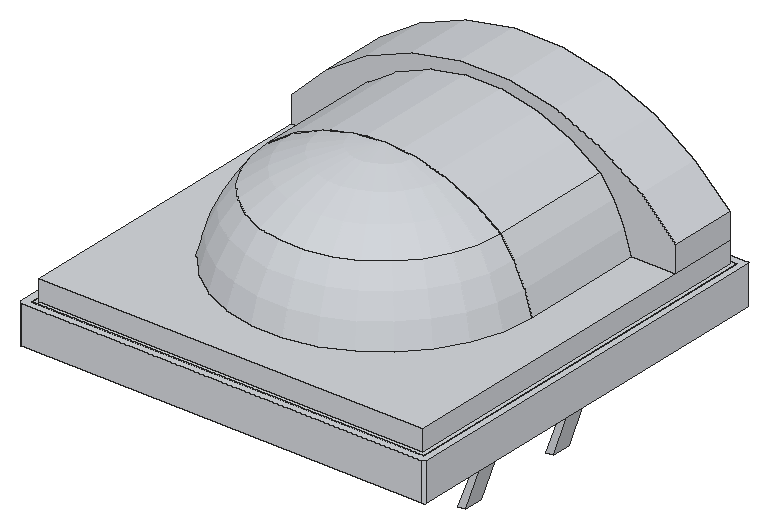
Revit family "Gira_537628", category Electrical Fixtures, host Face, Revit 2017
Family settings
  Host = Face
  Maintain Annotation Orientation = Yes
  Round Connector Dimension = Use Diameter
  Part Type = Normal
  Cut with Voids When Loaded = No
  Shared = No
  Room Calculation Point = No
Parameters (values of type "S3000 motion detec.top 2.20 m Komfort BT System 55 anthra.")
  URL = "http://katalog.gira.de/en/datenblatt.html?artikelnr=537628"
  Name = "S3000 motion detec.top 2.20 m Komfort BT System 55 anthra."
  Model = "Movement sensor"
  Manufacturer URL = "https://www.gira.de/"
  Manufacturer = "Gira"
  Keynote = ""
  HeinzeBIM = "https://bimportal.heinze.de/bim/s3000-motion-detec-top-2-20-m-komfort-bt-system-55-anthra-/de2cd53d00ca1e74559dccf595b57ce487847983"
  HAN = "537628"
  GTIN = "4010337050636"
  Description = "S3000 mot.det.top 2.20m Kmf BT Sys55 AN,System 3000 motion detector top unit 2.20 m Komfort BT,System 55,anthracite,Features:,- Automatic switching of lighting, depending on the movement of heat and ambient brightness.,- Operation with System 3000 switching or dimming insert or 3-wire auxiliary insert.,- Expansion of the detection range in combination with the 3-wire auxiliary insert.,- When connecting a System 3000 auxiliary insert with an operating top unit or mechanical button to the main unit, the lighting can be switched on or dimmed for the duration of the delay time.,- Device facilitates manual switchover between automatic, always-on and always-off.,With System 3000 switching insert:,- Short-term operation.,With System 3000 dimming insert:,- Switch on with the last brightness set, or a saved switch-on brightness.,- The switch-on brightness can only be saved permanently via the System 3000 auxiliary insert with operating top unit.,Functions with the Gira Bluetooth app:,- Set the brightness threshold.,- Individually adjustable sensitivity of the two sensors (0, 25, 50, 75, 100 %).,- Set the delay time.,- Override functions: Automatic mode, permanently on off, time-limited on off for 0.5 to 5 hours.,- Occupied-home simulation.,- Switch-off pre-warning.,- Day mode.,- Walking test.,- Switch on with the last brightness set, or a saved switch-on brightness in combination with a dimming insert."
  Default Elevation = 1219.2 mm
  Data sheet (1) = "https://katalog.gira.de/en/download.html?artikelnr=537628"
  Category = "Sensor element for movement sensor"
  BIM (1) = "https://media.stage.bim.site/public/gira/36a6b08/Bewegungsmelder_2,20m.rfa"
  Available = "No"
Reference planes
  plane 1 "Center (Front/Back)": y = 0
  plane 2: z = 0
  plane 3 "Center (Left/Right)": x = 0
Forms (mm)
  Extrusion 1, solid, detail levels fine
    sketch origin (0, 0, 0) x (1, 0, 0) y (0, 0, 1)
      loop
        line (-33.25, 14.602) -> (-33.25, 10.1) -> (33.25, 10.1) -> (33.25, 14.602)
        arc (33.25, 14.602) -> (0, 30.256) -> (-33.25, 14.602) r 43.139
    from -33.25 to -21.609
  Extrusion 2, solid, detail levels fine
    sketch origin (0, 0, 0) x (1, 0, 0) y (0, 1, 0)
      loop
        line (-33.25, 33.25) -> (-33.25, -33.25) -> (33.25, -33.25) -> (33.25, 33.25) -> (-33.25, 33.25)
    from 6.6 to 10.1
  Extrusion 3, solid, detail levels fine
    sketch origin (0, 0, 0) x (1, 0, 0) y (0, 0, 1)
      loop
        arc (20.138, 21.225) -> (0, 28.457) -> (-20.138, 21.225) r 31.652
        arc (-20.138, 21.225) -> (-23.48, 15.984) -> (-25.486, 10.1) r 26.053
        line (-25.486, 10.1) -> (25.486, 10.1)
        arc (25.486, 10.1) -> (23.48, 15.984) -> (20.138, 21.225) r 26.053
    from -21.609 to 0
  Revolve 4, solid, detail levels fine
    sketch origin (0, 0, 0) x (1, 0, 0) y (0, 0, 1)
      loop
        arc (0, 28.457) -> (-10.699, 26.594) -> (-20.138, 21.225) r 31.652
        arc (-20.138, 21.225) -> (-23.48, 15.984) -> (-25.486, 10.1) r 26.053
        line (-25.486, 10.1) -> (0, 10.1) -> (0, 28.457)
      axis (0, 28.457) -> (0, 10.1)
    angle from -180 to 0
  Extrusion 5, solid, detail levels fine
    sketch origin (0, 0, 0) x (1, 0, 0) y (0, 1, 0)
      loop
        spline (-34.7, 35.2) -> (-34.765, 35.196) -> (-34.829, 35.183) -> (-34.891, 35.162) -> (-34.95, 35.133) -> (-35.004, 35.097) -> (-35.054, 35.054) -> (-35.097, 35.004) -> (-35.133, 34.95) -> (-35.162, 34.891) -> (-35.183, 34.829) -> (-35.196, 34.765) -> (-35.2, 34.7)
        line (-35.2, 34.7) -> (-35.2, -34.7)
        spline (-35.2, -34.7) -> (-35.196, -34.765) -> (-35.183, -34.829) -> (-35.162, -34.891) -> (-35.133, -34.95) -> (-35.097, -35.004) -> (-35.054, -35.054) -> (-35.004, -35.097) -> (-34.95, -35.133) -> (-34.891, -35.162) -> (-34.829, -35.183) -> (-34.765, -35.196) -> (-34.7, -35.2)
        line (-34.7, -35.2) -> (34.7, -35.2)
        spline (34.7, -35.2) -> (34.765, -35.196) -> (34.829, -35.183) -> (34.891, -35.162) -> (34.95, -35.133) -> (35.004, -35.097) -> (35.054, -35.054) -> (35.097, -35.004) -> (35.133, -34.95) -> (35.162, -34.891) -> (35.183, -34.829) -> (35.196, -34.765) -> (35.2, -34.7)
        line (35.2, -34.7) -> (35.2, 34.7)
        spline (35.2, 34.7) -> (35.196, 34.765) -> (35.183, 34.829) -> (35.162, 34.891) -> (35.133, 34.95) -> (35.097, 35.004) -> (35.054, 35.054) -> (35.004, 35.097) -> (34.95, 35.133) -> (34.891, 35.162) -> (34.829, 35.183) -> (34.765, 35.196) -> (34.7, 35.2)
        line (34.7, 35.2) -> (-34.7, 35.2)
      loop
        line (-33.986, 33.986) -> (-33.986, -33.986) -> (33.986, -33.986) -> (33.986, 33.986) -> (-33.986, 33.986)
    from 0 to 6.6
  Extrusion 6, solid, detail levels fine
    sketch origin (0, 0, 0) x (1, 0, 0) y (0, 1, 0)
      loop
        line (-33.986, 33.986) -> (-33.986, -33.986) -> (33.986, -33.986) -> (33.986, 33.986) -> (-33.986, 33.986)
    from 5 to 6.6
  Extrusion 7, solid
    sketch origin (0, 0, 0) x (1, 0, 0) y (0, 1, 0)
      loop
        line (-23.656, 22.752) -> (-23.656, -22.748)
        arc (-23.656, -22.748) -> (-23.409, -23.369) -> (-22.801, -23.65) r 0.904
        line (-22.801, -23.65) -> (22.796, -23.65)
        arc (22.796, -23.65) -> (23.404, -23.369) -> (23.656, -22.748) r 0.904
        line (23.656, -22.748) -> (23.652, 22.752)
        arc (23.652, 22.752) -> (23.404, 23.374) -> (22.796, 23.655) r 0.904
        line (22.796, 23.655) -> (-22.801, 23.655)
        arc (-22.801, 23.655) -> (-23.409, 23.374) -> (-23.656, 22.752) r 0.904
    from -3.2 to 5
  Extrusion 8, solid, detail levels fine
    sketch origin (0, 0, 0) x (1, 0, 0) y (0, 1, 0)
      loop
        line (-27.334, -25) -> (-26.366, -25) -> (-26.366, 26.298) -> (26.366, 26.298) -> (26.366, -25) -> (27.334, -25) -> (27.334, 27.402) -> (-27.334, 27.402) -> (-27.334, -25)
    from -1.1 to 5
  Extrusion 9, solid, detail levels fine
    sketch origin (0, 0, 0) x (1, 0, 0) y (0, 1, 0)
      loop
        line (-5.141, 20.682) -> (-5.141, 15.098)
        spline (-5.141, 15.098) -> (-5.133, 14.968) -> (-5.107, 14.84) -> (-5.065, 14.716) -> (-5.007, 14.599) -> (-4.935, 14.49) -> (-4.849, 14.391) -> (-4.75, 14.305) -> (-4.641, 14.233) -> (-4.524, 14.175) -> (-4.4, 14.133) -> (-4.272, 14.107) -> (-4.142, 14.099)
        line (-4.142, 14.099) -> (4.142, 14.099)
        spline (4.142, 14.099) -> (4.272, 14.107) -> (4.4, 14.133) -> (4.524, 14.175) -> (4.641, 14.233) -> (4.75, 14.305) -> (4.849, 14.391) -> (4.935, 14.49) -> (5.007, 14.599) -> (5.065, 14.716) -> (5.107, 14.84) -> (5.133, 14.968) -> (5.141, 15.098)
        line (5.141, 15.098) -> (5.141, 20.682)
        spline (5.141, 20.682) -> (5.133, 20.812) -> (5.107, 20.94) -> (5.065, 21.064) -> (5.007, 21.181) -> (4.935, 21.29) -> (4.849, 21.389) -> (4.75, 21.475) -> (4.641, 21.547) -> (4.524, 21.605) -> (4.4, 21.647) -> (4.272, 21.673) -> (4.142, 21.681)
        line (4.142, 21.681) -> (-4.142, 21.681)
        spline (-4.142, 21.681) -> (-4.272, 21.673) -> (-4.4, 21.647) -> (-4.524, 21.605) -> (-4.641, 21.547) -> (-4.75, 21.475) -> (-4.849, 21.389) -> (-4.935, 21.29) -> (-5.007, 21.181) -> (-5.065, 21.064) -> (-5.107, 20.94) -> (-5.133, 20.812) -> (-5.141, 20.682)
    from -19.6 to -3.2
  Extrusion 10, solid, detail levels fine
    sketch origin (0, 0, 0) x (1, 0, 0) y (0, 0, 1)
      loop
        line (-24.966, -3.825) -> (-25.395, -8.726) -> (-23.048, -15.543) -> (-21.665, -15.713) -> (-24.338, -8.563) -> (-23.422, -1.1) -> (-25.014, -1.1) -> (-24.966, -3.825)
      loop
        line (24.966, -3.825) -> (25.014, -1.1) -> (23.422, -1.1) -> (24.338, -8.563) -> (21.665, -15.713) -> (23.048, -15.543) -> (25.395, -8.726) -> (24.966, -3.825)
    from -11.1 to -7.9
  Extrusion 11, solid, detail levels fine
    sketch origin (0, 0, 0) x (1, 0, 0) y (0, 0, -1)
      loop
        line (-24.966, 3.825) -> (-25.014, 1.1) -> (-23.422, 1.1) -> (-24.338, 8.563) -> (-21.665, 15.713) -> (-23.048, 15.543) -> (-25.395, 8.726) -> (-24.966, 3.825)
      loop
        line (24.966, 3.825) -> (25.395, 8.726) -> (23.048, 15.543) -> (21.665, 15.713) -> (24.338, 8.563) -> (23.422, 1.1) -> (25.014, 1.1) -> (24.966, 3.825)
    from -11.1 to -7.9
  Extrusion 12, solid
    sketch origin (0, 0, 0) x (1, 0, 0) y (0, 1, 0)
      loop
        line (-23.656, 22.752) -> (-23.656, -22.748)
        arc (-23.656, -22.748) -> (-23.409, -23.369) -> (-22.801, -23.65) r 0.904
        line (-22.801, -23.65) -> (22.796, -23.65)
        arc (22.796, -23.65) -> (23.404, -23.369) -> (23.656, -22.748) r 0.904
        line (23.656, -22.748) -> (23.652, 22.752)
        arc (23.652, 22.752) -> (23.404, 23.374) -> (22.796, 23.655) r 0.904
        line (22.796, 23.655) -> (-22.801, 23.655)
        arc (-22.801, 23.655) -> (-23.409, 23.374) -> (-23.656, 22.752) r 0.904
    from -3.2 to 5
  Extrusion 13, solid, detail levels medium
    sketch origin (0, 0, 0) x (1, 0, 0) y (0, 1, 0)
      loop
        line (-35.2, 35.2) -> (-35.2, -35.2) -> (35.2, -35.2) -> (35.2, 35.2) -> (-35.2, 35.2)
    from 0 to 6.6
  Extrusion 14, solid, detail levels medium
    sketch origin (0, 0, 0) x (1, 0, 0) y (0, 1, 0)
      loop
        line (-33.25, 33.25) -> (-33.25, -33.25) -> (33.25, -33.25) -> (33.25, 33.25) -> (-33.25, 33.25)
    from 6.6 to 30.256
  Extrusion 15, solid, detail levels medium
    sketch origin (0, 0, 0) x (1, 0, 0) y (0, 1, 0)
      loop
        line (-23.656, 23.655) -> (-23.656, -23.65) -> (23.656, -23.65) -> (23.656, 23.655) -> (-23.656, 23.655)
    from -3.2 to 5
  Extrusion 16, solid, detail levels medium
    sketch origin (0, 0, 0) x (1, 0, 0) y (0, 0, 1)
      loop
        line (-25.014, -1.1) -> (-25.014, -15.713) -> (-21.665, -15.713) -> (-21.665, -1.1) -> (-25.014, -1.1)
      loop
        line (25.014, -1.1) -> (21.665, -1.1) -> (21.665, -15.713) -> (25.014, -15.713) -> (25.014, -1.1)
    from -11.1 to -7.9
  Extrusion 17, solid, detail levels medium
    sketch origin (0, 0, 0) x (1, 0, 0) y (0, 0, -1)
      loop
        line (-25.014, 1.1) -> (-21.665, 1.1) -> (-21.665, 15.713) -> (-25.014, 15.713) -> (-25.014, 1.1)
      loop
        line (25.014, 1.1) -> (25.014, 15.713) -> (21.665, 15.713) -> (21.665, 1.1) -> (25.014, 1.1)
    from -11.1 to -7.9
  Extrusion 18, solid, detail levels medium
    sketch origin (0, 0, 0) x (1, 0, 0) y (0, 1, 0)
      loop
        line (-5.141, 14.099) -> (5.141, 14.099) -> (5.141, 21.681) -> (-5.141, 21.681) -> (-5.141, 14.099)
    from -19.6 to -3.2
  Extrusion 19, solid, detail levels coarse
    sketch origin (0, 0, 0) x (1, 0, 0) y (0, 1, 0)
      loop
        line (-35.2, 35.2) -> (-35.2, -35.2) -> (35.2, -35.2) -> (35.2, 35.2) -> (-35.2, 35.2)
    from -19.6 to 30.256
Dimensions and locks
  aligned and locked: plane 2 to host face
  aligned and locked: level to host face
  aligned and locked: nested 1 to plane 3 "Center (Left/Right)"
  aligned and locked: plane 1 "Center (Front/Back)" to nested 1
Nested families
  nested 1: "Belegungssensor - Bewegung - Aufputz - Beschriftung" at (0, 0, 0) x (0, -1, 0) z (0, 0, 1), type "Belegungssensor - Bewegung - Aufputz - Beschriftung"
Connectors
  electrical at (0, 0, -19.6)
    settings: on Extrusion 19, index 1, voltage 220 V, apparent load 0 VA, apparent load phase1 0 VA, apparent load phase2 0 VA, apparent load phase3 0 VA, power factor 1, load classification "Other", number of poles 1, system type 30, power factor state 1, is connector primary yes, connector utility no, sub classification motor no, connector description ""
Definition of nested family "Belegungssensor - Bewegung - Aufputz - Beschriftung"
  Reference planes
    plane 1: y = 0
    plane 2: x = 0
  Lines and regions (mm)
    Filled region 1, type "Gefüllter Bereich 1"
      outline origin (143.425, -20.712, 0) x (1, 0, 0) y (0, 1, 0)
        loop
          line (-148.697, 21.204) -> (-148.697, 20.409) -> (-147.583, 20.807) -> (-148.697, 21.204)
    Filled region 2, type "Gefüllter Bereich 1"
      outline origin (141.808, 30.001, 0) x (0.939693, 0.34202, 0) y (-0.34202, 0.939693, 0)
        loop
          line (-148.694, 21.203) -> (-148.694, 20.41) -> (-147.583, 20.807) -> (-148.694, 21.203)
    Filled region 3, type "Gefüllter Bereich 1"
      outline origin (141.819, -29.825, 0) x (-0.34202, -0.939693, 0) y (0.939693, -0.34202, 0)
        loop
          line (21.204, -148.697) -> (20.807, -147.583) -> (20.409, -148.697) -> (21.204, -148.697)
    detail lines
      curve 1: line (-1.207, 0.095, 0) -> (-3.486, 1.411, 0)
      curve 2: line (-1.207, 0.095, 0) -> (-3.486, -1.221, 0)
      curve 5: arc (-3.252, 1.752, 0) -> (-3.839, 0.095, 0) -> (-3.252, -1.562, 0) r 2.632
      curve 6: line (-6, 3, 0) -> (0, 3, 0)
      curve 7: line (-6, -3, 0) -> (-6, 3, 0)
      curve 8: line (0, -3, 0) -> (-6, -3, 0)
      curve 9: line (0, 3, 0) -> (0, -3, 0)
    reference lines
      curve 3: line (-1.207, 0.095, 0) -> (-3.616, 2.046, 0)
      curve 4: line (-1.207, 0.095, 0) -> (-3.616, -1.856, 0)
  Dimensions and locks
    curve 1 to curve 1 = 2.632 mm
    curve 2 to curve 2 = 2.632 mm
    curve 6 to curve 8 = 6 mm
    curve 7 to curve 9 = 6 mm
    angle curve 1 to curve 2 = 60.00°
    aligned and locked: curve 6 to curve 7
    aligned and locked: curve 9 to curve 9
